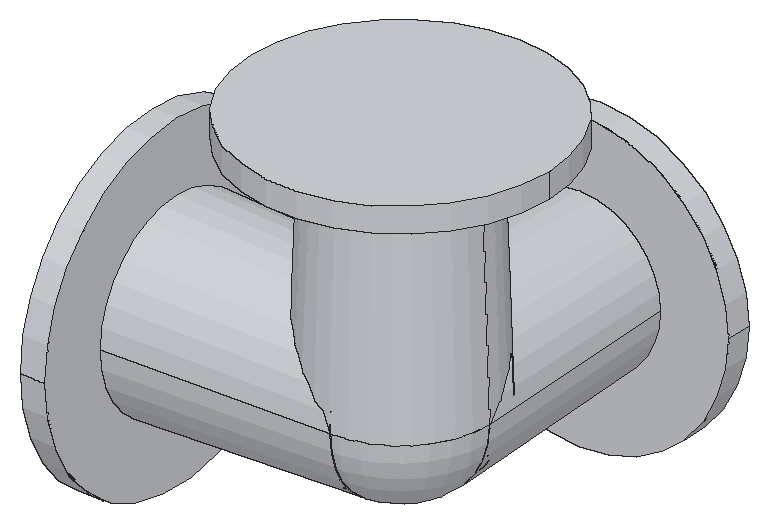
Revit family "M_Redução de cotovelo com saída lateral - Flange - GI - Classe 25", category Conexões de tubo, Revit 2019
Family settings
  Cota do conector redondo = Usar raio
  Tipo de parte = Múltiplas portas
  Número OmniClass = 23.60.30.11.14
  Título OmniClass = Pipework Fittings
  ID de item do Seek = Elbow Reducing Side-Outlet - Flanged - GI - Class 25-0000-CAN-ENU
  Com base no plano de trabalho = Não
  Sempre na vertical = Sim
  Corte com vazios quando carregada = Não
  Compartilhado = Não
Parameters (values of type "Padrão")
  Espessura da parede 3 [instance] = size_lookup(Nome da tabela de pesquisa, "WThk", 0.02 * Diâmetro nominal 3 + 8.334 mm, Diâmetro nominal 3)  # 11 mm
  Espessura da parede 2 [instance] = size_lookup(Nome da tabela de pesquisa, "WThk", 0.02 * Diâmetro nominal 2 + 8.334 mm, Diâmetro nominal 2)  # 11 mm
  Espessura da parede 1 [instance] = size_lookup(Nome da tabela de pesquisa, "WThk", 0.02 * Diâmetro nominal 1 + 8.334 mm, Diâmetro nominal 1)  # 11 mm
  Tamanho da marca de cota 3 [instance] = Diâmetro da flange 3 * 0.4  # 91.6 mm
  Tamanho da marca de cota 2 [instance] = Diâmetro da flange 2 * 0.4  # 91.6 mm
  Tamanho da marca de cota 1 [instance] = Diâmetro da flange 1 * 0.4  # 101.6 mm
  Raio nominal 3 [instance] = 50 mm
  Raio nominal 2 [instance] = 50 mm
  Diâmetro nominal 3 [instance] = Raio nominal 3 * 2  # 100 mm
  Diâmetro nominal 2 [instance] = Raio nominal 2 * 2  # 100 mm
  Método de perda = Não definido
  Nome da tabela de pesquisa = "M_Elbow Reducing Side-Outlet - Flanged - GI - Class 25"
  Comprimento 9 [instance] = Centro à face + Centro à face * cos(Ângulo 2)  # 191 mm
  Comprimento 8 [instance] = Centro à face * sin(Ângulo 1)  # 191 mm
  Comprimento 7 [instance] = Centro à face + Centro à face * cos(Ângulo 1)  # 191 mm
  Comprimento 6 [instance] = Comprimento 4 * sin(Ângulo 2)  # 172 mm
  Comprimento 5 [instance] = Centro à face + Comprimento 4 * cos(Ângulo 2)  # 191 mm
  Comprimento 4 [instance] = Centro à face - Espessura da flange 3  # 172 mm
  Comprimento 3 [instance] = Comprimento 1 * sin(Ângulo 1)  # 172 mm
  Comprimento 2 [instance] = Centro à face + Comprimento 1 * cos(Ângulo 1)  # 191 mm
  Comprimento 15 [instance] = Centro à face - Espessura da flange 3  # 172 mm
  Comprimento 14 [instance] = Centro à face - Raio externo da conexão 4 * cos(Ângulo 2)  # 191 mm
  Comprimento 13 [instance] = Raio externo da conexão 4 * sin(Ângulo 2)  # 68.25 mm
  Comprimento 12 [instance] = Centro à face - Raio externo da conexão 4 * cos(Ângulo 2)  # 191 mm
  Comprimento 11 [instance] = Raio externo da conexão 4 * sin(Ângulo 2)  # 68.25 mm
  Comprimento 10 [instance] = Centro à face * sin(Ângulo 2)  # 191 mm
  Comprimento 1 [instance] = Centro à face - Espessura da flange 2  # 172 mm
  Diâmetro nominal máximo 123 [instance] = if(Diâmetro nominal máximo 12 > Diâmetro nominal 3, Diâmetro nominal máximo 12, Diâmetro nominal 3)  # 125 mm
  Diâmetro nominal máximo 12 [instance] = if(Diâmetro nominal 1 > Diâmetro nominal 2, Diâmetro nominal 1, Diâmetro nominal 2)  # 125 mm
  Espessura da flange 3 [instance] = size_lookup(Nome da tabela de pesquisa, "FThk", 0.03 * Diâmetro nominal 3 + 16.768 mm, Diâmetro nominal 3)  # 19 mm
  Espessura da flange 2 [instance] = size_lookup(Nome da tabela de pesquisa, "FThk", 0.03 * Diâmetro nominal 2 + 16.768 mm, Diâmetro nominal 2)  # 19 mm
  Raio da flange 3 [instance] = Diâmetro da flange 3 / 2  # 114.5 mm
  Raio da flange 2 [instance] = Diâmetro da flange 2 / 2  # 114.5 mm
  Diâmetro da flange 3 [instance] = size_lookup(Nome da tabela de pesquisa, "FDia", 1.16 * Diâmetro nominal 3 + 119.062 mm, Diâmetro nominal 3)  # 229 mm
  Diâmetro da flange 2 [instance] = size_lookup(Nome da tabela de pesquisa, "FDia", 1.16 * Diâmetro nominal 2 + 119.062 mm, Diâmetro nominal 2)  # 229 mm
  Raio externo da conexão 3 [instance] = Diâmetro externo da conexão 3 / 2  # 62 mm
  Raio externo da conexão 4 [instance] = (Raio externo da conexão 1 + Raio externo da conexão 2) / 2  # 68.25 mm
  Raio externo da conexão 2 [instance] = Diâmetro externo da conexão 2 / 2  # 62 mm
  Raio externo da conexão 1 [instance] = Diâmetro externo da conexão 1 / 2  # 74.5 mm
  Diâmetro externo da conexão 2 [instance] = Diâmetro interno da conexão 2 + Espessura da parede 2 * 2  # 124 mm
  Diâmetro externo da conexão 1 [instance] = Diâmetro interno da conexão 1 + Espessura da parede 1 * 2  # 149 mm
  Raio nominal 1 [instance] = 62.5 mm
  Diâmetro nominal 1 [instance] = Raio nominal 1 * 2  # 125 mm
  Diâmetro externo da conexão 3 [instance] = Diâmetro interior da conexão 3 + Espessura da parede 3 * 2  # 124 mm
  Diâmetro interior da conexão 3 [instance] = size_lookup(Nome da tabela de pesquisa, "FID", 1.02 * Diâmetro nominal 3 - 0 mm, Diâmetro nominal 3)  # 102 mm
  Diâmetro interno da conexão 2 [instance] = size_lookup(Nome da tabela de pesquisa, "FID", 1.02 * Diâmetro nominal 2 - 0 mm, Diâmetro nominal 2)  # 102 mm
  Diâmetro interno da conexão 1 [instance] = size_lookup(Nome da tabela de pesquisa, "FID", 1.02 * Diâmetro nominal 1 - 0 mm, Diâmetro nominal 1)  # 127 mm
  Centro à face [instance] = size_lookup(Nome da tabela de pesquisa, "CtF", 0.67 * Diâmetro nominal máximo 123 + 110.43 mm, Diâmetro nominal máximo 123)  # 191 mm
  Espessura da flange 1 [instance] = size_lookup(Nome da tabela de pesquisa, "FThk", 0.03 * Diâmetro nominal 1 + 16.768 mm, Diâmetro nominal 1)  # 19 mm
  Raio da flange 1 [instance] = Diâmetro da flange 1 / 2  # 127 mm
  Diâmetro da flange 1 [instance] = size_lookup(Nome da tabela de pesquisa, "FDia", 1.16 * Diâmetro nominal 1 + 119.062 mm, Diâmetro nominal 1)  # 254 mm
  Assembly Code = ""
  Ângulo 3 [instance] = 90.00° - Ângulo 2  # 0.00°
  Ângulo 2 [instance] = 90.00°
  Ângulo 1 [instance] = 90.00°
Reference planes
  plane 1 "Centro (Frente/Trás)": y = 0
  plane 2: z = 0
  plane 3 "Centro (Esquerda/Direita)": x = 0
  plane 4: x = -191
  plane 5: x = -172
  plane 6: y = 172
  plane 7: x = 0
  plane 8: z = 172
  plane 9: x = 0
  plane 10: x = 0
  plane 11: y = 191
  plane 12: x = 0
  plane 13: z = 191
  plane 14: x = 0
  plane 15: z = -68.25
  plane 16: x = 0
  plane 17: z = -68.25
Forms (mm)
  Sweep 1, solid, detail levels fine
    path in 3D
      loop
        line (-191, 0, 0) -> (-172, 0, 0)
    profile origin (-181.5, 0, 0) x (0, 1, 0) y (0, 0, 1)
      loop
        circle (0, 0) r 127
  SweptBlend 2, solid, detail levels fine
    path in 3D
      loop
        line (-172, 0, 0) -> (0, 0, 0)
    profile origin (-172, 0, 0) x (0, 1, 0) y (0, 0, 1)
      loop
        circle (0, 0) r 74.5
    end profile origin (0, 0, 0) x (0, 1, 0) y (0, 0, 1)
      loop
        circle (0, 0) r 68.25
  SweptBlend 3, solid, detail levels fine
    path in 3D
      loop
        line (0, 0, 0) -> (0, 172, 0)
    profile origin (0, 0, 0) x (-1, 0, 0) y (0, 0, 1)
      loop
        circle (0, 0) r 68.25
    end profile origin (0, 172, 0) x (-1, 0, 0) y (0, 0, 1)
      loop
        circle (0, 0) r 62
  Sweep 4, solid, detail levels fine
    path in 3D
      loop
        line (0, 172, 0) -> (0, 191, 0)
    profile origin (0, 181.5, 0) x (-1, 0, 0) y (0, 0, 1)
      loop
        circle (0, 0) r 114.5
  Sweep 5, solid, detail levels fine
    path in 3D
      loop
        line (0, 0, 172) -> (0, 0, 191)
    profile origin (0, 0, 181.5) x (-1, 0, 0) y (0, -1, 0)
      loop
        circle (0, 0) r 114.5
  SweptBlend 6, solid, detail levels fine
    path in 3D
      loop
        line (0, 0, 0) -> (0, 0, 172)
    profile origin (0, 0, 0) x (-1, 0, 0) y (0, -1, 0)
      loop
        circle (0, 0) r 68.25
    end profile origin (0, 0, 172) x (-1, 0, 0) y (0, -1, 0)
      loop
        circle (0, 0) r 62
  Revolve 7, solid, detail levels fine
    sketch origin (0, 0, 0) x (0, 0, -1) y (1, 0, 0)
      loop
        line (0, 0) -> (68.25, 0)
        arc (68.25, 0) -> (48.26, 48.26) -> (0, 68.25) r 68.25
        line (0, 68.25) -> (0, 0)
      axis (68.25, 0) -> (0, 0)
    angle from 0 to 360
Cuts and joins
  joined: Sweep 1, SweptBlend 2
  joined: SweptBlend 3, Sweep 4
Lines and regions (mm)
  model lines, detail levels coarse+medium
    curve 1: line (-172, 0, 0) -> (0, 0, 0)
    curve 2: line (-191, 0, 0) -> (-172, 0, 0)
    curve 5: line (0, 0, 0) -> (0, 172, 0)
    curve 6: line (0, 172, 0) -> (0, 191, 0)
    curve 9: line (0, 0, 0) -> (0, 0, 172)
    curve 10: line (0, 0, 172) -> (0, 0, 191)
    curve 15: line (-191, 101.6, 0) -> (-191, 0, 0)
    curve 16: line (-191, -101.6, 0) -> (-191, 0, 0)
    curve 17: line (0, 191, 0) -> (91.6, 191, 0)
    curve 18: line (0, 191, 0) -> (-91.6, 191, 0)
    curve 19: line (0, 0, 191) -> (91.6, 0, 191)
    curve 20: line (0, 0, 191) -> (-91.6, 0, 191)
  sketch lines
    curve 3: line (-191, 0, 0) -> (-172, 0, 0)
    curve 4: line (-172, 0, 0) -> (0, 0, 0)
    curve 7: line (0, 0, 0) -> (0, 172, 0)
    curve 8: line (0, 172, 0) -> (0, 191, 0)
    curve 11: line (0, 0, 172) -> (0, 0, 191)
    curve 22: line (0, 0, 0) -> (0, 0, 172)
  reference lines
    curve 12: line (-191, 0, 0) -> (-172, 0, 0)
    curve 13: line (0, 191, 0) -> (0, 172, 0)
    curve 14: line (0, 0, 191) -> (0, 0, 172)
    curve 21: line (0, 0, 0) -> (0, 0, 172)
    curve 23: line (0, 0, 0) -> (0, 0, -68.25)
    curve 24: arc (0, 0, -68.25) -> (48.26, 0, -48.26) -> (68.25, 0, 0) r 68.25
    curve 25: line (0, 0, 0) -> (68.25, 0, 0)
    curve 26: line (0, 0, -68.25) -> (0, 0, 0)
    curve 27: line (68.25, 0, 0) -> (0, 0, 0)
    curve 28: arc (0, 0, -68.25) -> (48.26, 0, -48.26) -> (68.25, 0, 0) r 68.25
Dimensions and locks
  "Centro à face": plane 4 to plane 3 "Centro (Esquerda/Direita)"
  "Espessura da flange 1": plane 4 to plane 5
  "Comprimento 1": curve 5 to curve 5
  "Comprimento 2": plane 4 to plane 7
  "Comprimento 3": plane 6 to plane 1 "Centro (Frente/Trás)"
  "Espessura da flange 2": curve 6 to curve 6
  "Comprimento 4": curve 9 to curve 9
  "Comprimento 6": plane 8 to plane 2
  "Comprimento 5": plane 9 to plane 4
  "Espessura da flange 3": curve 10 to curve 10
  "Comprimento 7": plane 4 to plane 10
  "Comprimento 8": plane 11 to plane 1 "Centro (Frente/Trás)"
  "Comprimento 9": plane 12 to plane 4
  "Comprimento 10": plane 13 to plane 2
  "Tamanho da marca de cota 1": curve 15 to curve 15
  "Tamanho da marca de cota 1": curve 16 to curve 16
  "Tamanho da marca de cota 2": curve 17 to curve 17
  "Tamanho da marca de cota 2": curve 18 to curve 18
  "Tamanho da marca de cota 3": curve 19 to curve 19
  "Tamanho da marca de cota 3": curve 20 to curve 20
  "Comprimento 15": curve 21 to curve 21
  "Comprimento 11": plane 2 to plane 15
  "Comprimento 13": plane 2 to plane 17
  "Comprimento 12": plane 14 to plane 4
  "Comprimento 14": plane 16 to plane 4
  "Raio externo da conexão 4": curve 23 to curve 23
  "Raio externo da conexão 4": curve 25 to curve 25
  locked: Revolve 7 sketch curve to Revolve 7 sketch curve at 105.958
  "Raio da flange 1": radius of Sweep 1 sketch curve
  "Raio externo da conexão 1": radius of SweptBlend 2 sketch curve
  "Raio externo da conexão 4": radius of SweptBlend 2 sketch curve
  "Raio externo da conexão 4": radius of SweptBlend 3 sketch curve
  "Raio externo da conexão 2": radius of SweptBlend 3 sketch curve
  "Raio da flange 2": radius of Sweep 4 sketch curve
  "Raio da flange 3": radius of Sweep 5 sketch curve
  "Raio externo da conexão 4": radius of SweptBlend 6 sketch curve
  "Raio externo da conexão 3": radius of SweptBlend 6 sketch curve
  "Ângulo 1": angle plane 1 "Centro (Frente/Trás)" to curve 5
  "Ângulo 1": angle plane 6 to curve 6
  "Ângulo 2": angle plane 2 to curve 9
  "Ângulo 2": angle plane 8 to curve 10
  "Ângulo 1": angle plane 11 to curve 13
  "Ângulo 2": angle plane 13 to curve 14
  locked: curve 5 to curve 17 (angle 90.00°)
  locked: curve 18 to curve 5 (angle 90.00°)
  locked: curve 9 to curve 19 (angle 90.00°)
  locked: curve 20 to curve 9 (angle 90.00°)
  "Ângulo 3": angle curve 21 to plane 3 "Centro (Esquerda/Direita)"
  "Ângulo 2": angle plane 2 to curve 23
  locked: curve 24 to curve 24 (angle 90.00°)
  locked: curve 23 to curve 25 (angle 90.00°)
  "Ângulo 2": angle plane 2 to Revolve 7 sketch curve
  "Ângulo 2": angle plane 17 to curve 26
  locked: curve 26 to curve 27 (angle 90.00°)
  locked: curve 28 to curve 28 (angle 90.00°)
  aligned and locked: plane 1 "Centro (Frente/Trás)" to curve 1
  aligned and locked: plane 4 to curve 2
  aligned and locked: plane 5 to curve 2
  aligned and locked: plane 3 "Centro (Esquerda/Direita)" to curve 5
  aligned and locked: plane 1 "Centro (Frente/Trás)" to curve 5
  aligned and locked: plane 2 to curve 9
  aligned and locked: plane 3 "Centro (Esquerda/Direita)" to curve 9
  aligned and locked: plane 4 to curve 12
  aligned and locked: plane 1 "Centro (Frente/Trás)" to curve 12
  aligned and locked: plane 11 to curve 13
  aligned and locked: plane 10 to curve 13
  aligned and locked: plane 13 to curve 14
  aligned and locked: plane 12 to curve 14
  aligned and locked: curve 15 to plane 4
  aligned and locked: plane 1 "Centro (Frente/Trás)" to curve 16
  aligned and locked: plane 4 to curve 16
  aligned and locked: plane 3 "Centro (Esquerda/Direita)" to curve 21
  aligned: plane 3 "Centro (Esquerda/Direita)" to curve 5
  aligned and locked: plane 2 to curve 5
  aligned and locked: plane 3 "Centro (Esquerda/Direita)" to curve 24
  aligned and locked: plane 2 to curve 24
  aligned and locked: plane 15 to curve 24
  aligned and locked: plane 14 to curve 24
  aligned: plane 3 "Centro (Esquerda/Direita)" to curve 13
  aligned and locked: plane 2 to curve 13
  aligned and locked: Revolve 7 sketch curve to curve 23
  aligned and locked: Revolve 7 sketch curve to curve 25
  aligned and locked: Revolve 7 sketch curve to curve 24
  aligned and locked: plane 2 to Revolve 7 sketch curve
  aligned and locked: plane 3 "Centro (Esquerda/Direita)" to Revolve 7 sketch curve
  aligned and locked: plane 17 to curve 26
  aligned and locked: plane 16 to curve 26
  aligned and locked: plane 3 "Centro (Esquerda/Direita)" to curve 27
  aligned and locked: plane 2 to curve 27
  aligned and locked: plane 3 "Centro (Esquerda/Direita)" to curve 28
  aligned and locked: plane 2 to curve 28
Automatic sketch dimensions
  curve 23 to plane 15 = 0 mm
  curve 12 to plane 5 = 0 mm
  Sweep 1 sketch curve to profile plane = 0 mm  (x2)
  SweptBlend 2 sketch curve to profile plane = 0 mm  (x4)
  SweptBlend 3 sketch curve to profile plane = 0 mm  (x4)
  Sweep 4 sketch curve to profile plane = 0 mm  (x2)
  Sweep 5 sketch curve to profile plane = 0 mm
  profile plane to Sweep 5 sketch curve = 0 mm
  SweptBlend 6 sketch curve to profile plane = 0 mm  (x2)
  profile plane to SweptBlend 6 sketch curve = 0 mm  (x2)
Connectors
  piping at (-191, 0, 0), diameter 125, driven by "Ângulo 1", driven by "Raio nominal 1"
    settings: on cut or joined group of Sweep 1, SweptBlend 2, index 1, connector inside diameter 125 mm, connector length 0 mm, flow factor 0, pipe flow 0.0 L/s, pressure drop 0.0 Pa, fitting loss kfactor 0, connector angle 90.00°, fixture units 0, engagement length 0 mm, angle of deflection 0.00°, flow configuration 0, flow direction 0, fitting loss method 0, system type 28, joint type 0, gender type 0, connector reference index 2, connector utility 0, adjustable connector no, is connector primary yes, connector description ""
  piping at (0, 191, 0), diameter 100, driven by "Ângulo 1", driven by "Raio nominal 2"
    settings: on cut or joined group of SweptBlend 3, Sweep 4, index 2, connector inside diameter 100 mm, connector length 0 mm, flow factor 0, pipe flow 0.0 L/s, pressure drop 0.0 Pa, fitting loss kfactor 0, connector angle 90.00°, fixture units 0, engagement length 0 mm, angle of deflection 0.00°, flow configuration 0, flow direction 0, fitting loss method 0, system type 28, joint type 0, gender type 0, connector reference index 1, connector utility 0, adjustable connector no, is connector primary no, connector description ""
  piping at (0, 0, 191), diameter 100, driven by "Raio nominal 3", driven by "Ângulo 2"
    settings: on Sweep 5, index 3, connector inside diameter 100 mm, connector length 0 mm, flow factor 0, pipe flow 0.0 L/s, pressure drop 0.0 Pa, fitting loss kfactor 0, connector angle 90.00°, fixture units 0, engagement length 0 mm, angle of deflection 0.00°, flow configuration 0, flow direction 0, fitting loss method 0, system type 28, joint type 0, gender type 0, connector reference index -1, connector utility 0, adjustable connector no, is connector primary no, connector description ""
